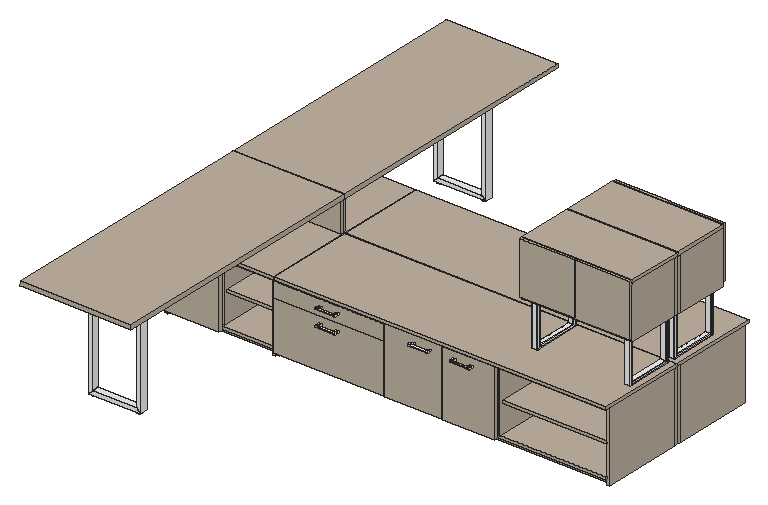
Revit family "VL021family", category Furniture, Revit 2015
Parameters
  Series = "Vision Laminate"
  Manufacturer = "JSI"
  Description = "VL021"
Reference planes (in)
  plane 1 "Center Front/Back": y = 0
  plane 2: z = 0
  plane 3 "Center Left/Right": x = 0
Dimensions and locks (in)
  aligned and locked: level to plane 2
Nested families (in)
  nested 1: "JSI-Vision-90_Bench_Configuration" at (25.8580059, -58.25, 0), type "VLB-30BF30HD30OS, Laminate 90"W Mod Bnch BF/HD/OS"
  nested 2: "JSI-Vision-90_Bench_Configuration" at (115.8580059, -58.25, 0) x (-1, 0, 0) z (0, 0, 1), type "VLB-30OS30HD30BF, Laminate 90"W Mod Bnch OS/HD/BF"
  nested 3: "JSI-Vision-Sld_Door_Bench_Ped" at (-4.1419941, -58.25, 0), type "VLB2430SD, Laminate Sld Door Bench H Ped"
  nested 4: "JSI-Vision-Sld_Door_Bench_Ped" at (25.8580059, -58.25, 0) x (-1, 0, 0) z (0, 0, 1), type "VLB2430SD, Laminate Sld Door Bench H Ped"
  nested 5: "JSI-Vision-OH_Cab-27_Post" at (116.1080059, -58.375, -10.2644163) x (-1, 0, 0) z (0, 0, 1), type "VL1630PSHD-27, Laminate 27"H Post Support Overhead Cab. 16" x 30", 2 Doors"
  nested 6: "JSI-Vision-OH_Cab-27_Post" at (86.1080059, -58.25, -10.2644163), type "VL1630PSHD-27, Laminate 27"H Post Support Overhead Cab. 16" x 30", 2 Doors"
  nested 7: "JSI-Vision-Rectangle_Desk_Top" at (25.8580059, 13.7479095, -2.1843978) x (0, -1, 0) z (0, 0, 1), type "VL3072MCT, Laminate Rectangular Desk Top, 30" x 72""
  nested 8: "JSI-Vision-Rectangle_Desk_Top" at (25.8580059, -58.2591116, -2.1838913) x (0, -1, 0) z (0, 0, 1), type "VL3072MCT, Laminate Rectangular Desk Top, 30" x 72""
  nested 9: "JSI-Vision-U_Base_for_Peninsula_Tops" at (11.338652, -116.7635946, -1.0339783) x (0, 1, 0) z (0, 0, 1), type "18US, Stardust Silver U Base for Peninsula Tops, use with 30” deep tops"
  nested 10: "JSI-Vision-U_Base_for_Peninsula_Tops" at (11, 0.25, -1.0293486) x (0, 1, 0) z (0, 0, 1), type "18US, Stardust Silver U Base for Peninsula Tops, use with 30” deep tops"
  nested 11: "JSI-Vision_Bench_Height_T_Sup" at (31.9221404, -69, 19.5), type "VLB1030TSP, Laminate 30  Bench Height T Supports"
    with Width 2' - 5 5/8"
  nested 12: "JSI-Vision_Bench_Height_T_Sup" at (-10.5811285, -47.5, 19.5) x (-1, 0, 0) z (0, 0, 1), type "VLB1030TSP, Laminate 30  Bench Height T Supports"
    with Width 2' - 5 5/8"
Definition of nested family "JSI-Vision-90_Bench_Configuration"
  Parameters (values of type "VLB-30OS30HD30BF, Laminate 90"W Mod Bnch OS/HD/BF")
    Width = 7' - 6"
    URL = "www.jsifurniture.com"
    Top = none
    Tag = "OS-HD-BF"
    Shelf Height = 0' - 8.48844"
    Series = "VISION CASEGOODS"  # constant formula
    Sdr-R = no
    Sdr-L = no
    Sdr-C = yes
    Pull Finish = none
    Model = "VLB-30OS30HD30BF"
    Manufacturer = "JSI"  # constant formula
    Keynote = "12500"
    JSI Enviromental Website = "http://www.jsifurniture.com/jsi_sustainability_intro.php"
    Height = 1' - 7 1/2"
    F-R = no
    F-L = no
    F-C = no
    Drawer Front = none
    Door-R = no
    Door-C = yes
    Door Front = none
    Door-L = no
    Description = "90\"W Modular Bench Height, OS/HD/BF"
    Depth = 2' - 0"
    Chassis = none
    BF-R = yes
    BF-L = no
    Assembly Code = "E2020200"
  Types (2): name | Tag | Model | Description | BF-R | BF-L
    VLB-30OS30HD30BF, Laminate 90"W Mod Bnch OS/HD/BF | "OS-HD-BF" | "VLB-30OS30HD30BF" | "90\"W Modular Bench Height, OS/HD/BF" | yes | no
    VLB-30BF30HD30OS, Laminate 90"W Mod Bnch BF/HD/OS | "BF-HD-OS" | "VLB-30BF30HD30OS" | "90\"W Modular Bench Height, BF/HD/OS" | no | yes
  Reference planes (in)
    plane 1 "Center Front/Back": y = 0
    plane 2: z = 0
    plane 3 "Center Left/Right": x = 0
    plane 4: x = 90
    plane 5: x = 0.1871643
    plane 6: x = 89.8124352
    plane 7: z = 10.425935
    plane 8: z = 19.5
    plane 9: x = 0.75
    plane 10: x = 89.125999
    plane 11: y = -0.8125
    plane 12: y = -23.25
    plane 13: x = 30
    plane 14: z = 18.75
    plane 15: z = 18.6409016
    plane 16: z = 9.675935
    plane 17: z = 1.9374999
    plane 18: z = 1.1874999
    plane 19: y = -23
    plane 20: y = -24
    plane 21: x = 29.25
    plane 22: y = -21.1875
    plane 23: y = -21.9375
    plane 24: z = 1
    plane 25: z = 16.6409016
    plane 26: z = 12.3909016
    plane 27: x = 14.9685822
    plane 28: x = 30.75
    plane 29: x = 29.75
    plane 30: x = 60.25
    plane 31: z = 13.625
    plane 32: z = 11.625
    plane 33: x = 75.0312176
    plane 34: x = 14.8435822
    plane 35: x = 15.0935822
    plane 36: x = 9.3435822
    plane 37: x = 20.5935822
    plane 38: x = 75.1564178
    plane 39: x = 74.9064178
    plane 40: x = 80.6564178
    plane 41: x = 69.4064178
    plane 42: y = -22.75
    plane 43: y = -22.875
    plane 44: x = 60
    plane 45: x = 60.75
    plane 46: x = 59.25
    plane 47: x = 60.25
    plane 48: x = 45.6350365
    plane 49: x = 40.0100365
    plane 50: x = 51.2600365
    plane 51: x = 45.5100365
    plane 52: x = 45.7600365
    plane 53: x = 30.25
    plane 54: x = 59.75
  Forms (in)
    Extrusion 1, solid, material <- "Chassis"
      sketch origin (0, 0, 0) x (1, 0, 0) y (0, 1, 0)
        loop
          line (0, 0) -> (0, -0.8125) -> (90, -0.8125) -> (90, 0) -> (0, 0)
      from 0 to 18.75
    Extrusion 2, solid, material <- "Chassis"
      sketch origin (0.125, -0.1875, 48) x (0, 1, 0) y (0, 0, 1)
        loop
          line (-0.625, -29.25) -> (-22.6875, -29.25) -> (-22.6875, -48) -> (-0.625, -48) -> (-0.625, -29.25)
      from -0.125 to 0.625
    Extrusion 3, solid, material <- "Chassis"
      sketch origin (29.875, -0.1875, 48) x (0, 1, 0) y (0, 0, 1)
        loop
          line (-0.625, -29.25) -> (-22.6875, -29.25) -> (-22.6875, -48) -> (-0.625, -48) -> (-0.625, -29.25)
      from 59.250999 to 60.125
    Extrusion 4, solid, material <- "Chassis"
      sketch origin (0, 0, 0) x (1, 0, 0) y (0, 1, 0)
        loop
          line (0.75, -21.1875) -> (0.75, -21.9375) -> (89.125999, -21.9375) -> (89.125999, -21.1875) -> (0.75, -21.1875)
      from 0 to 1.1874999
    Extrusion 5, solid, material <- "Top"
      sketch origin (0, 0, 0) x (0, 1, 0) y (0, 0, 1)
        loop
          line (0, 18.75) -> (0, 19.5) -> (-24, 19.5) -> (-24, 18.75) -> (0, 18.75)
      from 0 to 90
    Extrusion 6, solid, material <- "Chassis"
      sketch origin (0, 0, 0) x (0, 1, 0) y (0, 0, 1)
        loop
          line (-0.8125, 18.1697085) -> (-0.8125, 18.75) -> (-23.25, 18.75) -> (-23.25, 18.1697085) -> (-0.8125, 18.1697085)
        loop
          line (-0.8125, 1.1874999) -> (-0.8125, 1.9374999) -> (-23, 1.9374999) -> (-23, 1.1874999) -> (-0.8125, 1.1874999)
      from 0.75 to 89.125999
    Extrusion 7, solid, material <- "Door Front", visible <- "Sdr-L"
      sketch origin (0, 0, 0) x (0, 1, 0) y (0, 0, 1)
        loop
          line (-23.25, 1) -> (-23.25, 18.6409016) -> (-24, 18.6409016) -> (-24, 1) -> (-23.25, 1)
      from 0.1871643 to 14.8435822
    Extrusion 8, solid, material <- "Chassis"
      sketch origin (0, 0, 0) x (0, 1, 0) y (0, 0, 1)
        loop
          line (-0.8125, 9.675935) -> (-0.8125, 10.425935) -> (-22.75, 10.425935) -> (-22.75, 9.675935) -> (-0.8125, 9.675935)
      from 0.75 to 29.25
    Extrusion 9, solid, material <- "Chassis"
      sketch origin (0, 0, 0) x (0, 1, 0) y (0, 0, 1)
        loop
          line (-0.8125, 18.1697085) -> (-23.25, 18.1697085) -> (-23.25, 1.9374999) -> (-0.8125, 1.9374999) -> (-0.8125, 18.1697085)
      from 29.25 to 30
    Extrusion 10, solid, material <- "Chassis"
      sketch origin (30, 0, 0) x (0, 1, 0) y (0, 0, -1)
        loop
          line (-0.8125, -9.675935) -> (-22.75, -9.675935) -> (-22.75, -10.425935) -> (-0.8125, -10.425935) -> (-0.8125, -9.675935)
      from -59.125999 to -30.75
    Extrusion 11, solid, material <- "Drawer Front", visible <- "BF-L"
      sketch origin (0, -24, 0.625) x (0, 0, 1) y (-1, 0, 0)
        loop
          line (18.0159016, -0.1871643) -> (13.8909016, -0.1871643) -> (13.8909016, -29.75) -> (18.0159016, -29.75) -> (18.0159016, -0.1871643)
        loop
          line (0.5624999, -0.1871643) -> (0.5624999, -29.75) -> (13.7659016, -29.75) -> (13.7659016, -0.1871643) -> (0.5624999, -0.1871643)
      from -0.75 to 0
    Extrusion 12, solid, material <- "Chassis"
      sketch origin (60, 0, 0) x (0, 1, 0) y (0, 0, -1)
        loop
          line (-0.8125, -18.1697085) -> (-0.8125, -1.9374999) -> (-23.25, -1.9374999) -> (-23.25, -18.1697085) -> (-0.8125, -18.1697085)
      from 29.25 to 30
    Extrusion 13, solid, material <- "Drawer Front", visible <- "BF-R"
      sketch origin (60, -24, 0.625) x (0, 0, 1) y (-1, 0, 0)
        loop
          line (18.0159016, -29.8124352) -> (18.0159016, -0.25) -> (13.8909016, -0.25) -> (13.8909016, -29.8124352) -> (18.0159016, -29.8124352)
        loop
          line (0.5624999, -29.8124352) -> (13.7659016, -29.8124352) -> (13.7659016, -0.25) -> (0.5624999, -0.25) -> (0.5624999, -29.8124352)
      from -0.75 to 0
    Extrusion 14, solid, material <- "Drawer Front", visible <- "F-L"
      sketch origin (0, -24, 0.625) x (0, 0, 1) y (-1, 0, 0)
        loop
          line (0.375, -0.1871643) -> (0.375, -29.75) -> (13, -29.75) -> (13, -0.1871643) -> (0.375, -0.1871643)
      from -0.75 to 0
    Extrusion 15, solid, material <- "Drawer Front", visible <- "F-R"
      sketch origin (60, -24, 0.625) x (0, 0, 1) y (-1, 0, 0)
        loop
          line (0.375, -29.8124352) -> (13, -29.8124352) -> (13, -0.25) -> (0.375, -0.25) -> (0.375, -29.8124352)
      from -0.75 to 0
    Extrusion 16, solid, material <- "Door Front", visible <- "Door-L"
      sketch origin (29.9371643, 0, 0) x (0, 1, 0) y (0, 0, -1)
        loop
          line (-23.25, -1) -> (-24, -1) -> (-24, -18.6409016) -> (-23.25, -18.6409016) -> (-23.25, -1)
      from 0.1871643 to 14.8435822
    Extrusion 17, solid, material <- "Door Front", visible <- "Door-R"
      sketch origin (60, 0, 0) x (0, 1, 0) y (0, 0, -1)
        loop
          line (-23.25, -1) -> (-24, -1) -> (-24, -18.6409016) -> (-23.25, -18.6409016) -> (-23.25, -1)
      from -29.8124352 to -15.1564178
    Extrusion 18, solid, material <- "Door Front", visible <- "Sdr-R"
      sketch origin (30.0628357, 0, 0) x (0, 1, 0) y (0, 0, 1)
        loop
          line (-23.25, 1) -> (-23.25, 18.6409016) -> (-24, 18.6409016) -> (-24, 1) -> (-23.25, 1)
      from 30.1871643 to 44.8435822
    Extrusion 19, solid, material <- "Chassis"
      sketch origin (90, 0, 0) x (0, 1, 0) y (0, 0, -1)
        loop
          line (-0.8125, -18.1697085) -> (-0.8125, -1.9374999) -> (-23.25, -1.9374999) -> (-23.25, -18.1697085) -> (-0.8125, -18.1697085)
      from 29.25 to 30
    Extrusion 20, solid, material <- "Chassis"
      sketch origin (30, 0, 0) x (0, 1, 0) y (0, 0, 1)
        loop
          line (-0.8125, 18.1697085) -> (-23.25, 18.1697085) -> (-23.25, 1.9374999) -> (-0.8125, 1.9374999) -> (-0.8125, 18.1697085)
      from 29.25 to 30
    Extrusion 21, solid, material <- "Chassis"
      sketch origin (90, 0, 0) x (0, 1, 0) y (0, 0, 1)
        loop
          line (-0.8125, 9.675935) -> (-0.8125, 10.425935) -> (-22.75, 10.425935) -> (-22.75, 9.675935) -> (-0.8125, 9.675935)
      from -59.25 to -30.75
    Extrusion 22, solid, material <- "Door Front", visible <- "Sdr-C"
      sketch origin (0, 0, 0) x (0, 1, 0) y (0, 0, 1)
        loop
          line (-23.25, 1) -> (-23.25, 18.6409016) -> (-24, 18.6409016) -> (-24, 1) -> (-23.25, 1)
      from 30.25 to 45.5100365
    Extrusion 23, solid, material <- "Door Front", visible <- "Door-C"
      sketch origin (29.9371643, 0, 0) x (0, 1, 0) y (0, 0, -1)
        loop
          line (-23.25, -1) -> (-24, -1) -> (-24, -18.6409016) -> (-23.25, -18.6409016) -> (-23.25, -1)
      from -29.8128357 to -15.8228722
    Extrusion 24, solid, material <- "Drawer Front", visible <- "F-C"
      sketch origin (30.2914543, -24, 0.625) x (0, 0, 1) y (-1, 0, 0)
        loop
          line (0.375, 0.0414543) -> (0.375, -29.4585457) -> (13, -29.4585457) -> (13, 0.0414543) -> (0.375, 0.0414543)
      from -0.75 to 0
  Lines and regions (in)
    symbolic lines
      curve 1: line (0, 0, 0) -> (90, 0, 0)
      curve 2: line (0, -23.875, 0) -> (0, 0, 0)
      curve 3: line (90, -23.875, 0) -> (0, -23.875, 0)
      curve 4: line (90, 0, 0) -> (90, -23.875, 0)
  Dimensions and locks (in)
    "Height": plane 8 to level
    plane 15 to plane 14 to plane 8 = 0' - 0.1091" locked, 0' - 0 3/4" locked
    plane 10 to plane 6 to plane 4 = 0' - 0.68644" locked, 0' - 0.18756" locked
    plane 3 "Center Left/Right" to plane 5 to plane 9 = 0' - 0.18716" locked, 0' - 0.56284" locked
    "Width": plane 3 "Center Left/Right" to plane 4
    locked: plane 1 "Center Front/Back" to plane 11 at 0.8125
    plane 17 to plane 18 to level = 0' - 0 3/4" locked, 0' - 1 3/16" locked
    "Depth": plane 1 "Center Front/Back" to plane 20
    locked: plane 24 to level at 1
    Extrusion 11 sketch curve to Extrusion 11 sketch curve to Extrusion 11 sketch curve to Extrusion 11 sketch curve = 0' - 4 1/8" locked, 0' - 0 1/8" locked, 1' - 1.2034" locked
    locked: plane 15 to plane 25 at 2
    Extrusion 13 sketch curve to Extrusion 13 sketch curve to Extrusion 13 sketch curve to Extrusion 13 sketch curve = 0' - 4 1/8" locked, 0' - 0 1/8" locked, 1' - 1.2034" locked
    locked: plane 7 to plane 16 at 0.75
    "Shelf Height": plane 7 to plane 17
    locked: Extrusion 14 sketch curve to Extrusion 11 at 12.4375001
    locked: plane 31 to plane 32 at 2
    equal spacing: plane 30, plane 33, plane 6
    plane 35 to plane 27 to plane 34 = 0' - 0 1/8" locked, 0' - 0 1/8" locked
    locked: plane 34 to plane 36 at 5.5
    locked: plane 35 to plane 37 at 5.5
    locked: plane 38 to plane 40 at 5.5
    locked: plane 39 to plane 41 at 5.5
    plane 38 to plane 33 to plane 39 = 0' - 0.1252" locked, 0' - 0.1248" locked
    equal spacing: plane 5, plane 27, plane 29
    plane 22 to plane 23 to plane 42 to plane 43 to plane 19 to plane 12 to plane 20 = 0' - 0 3/4" locked, 0' - 0 13/16" locked, 0' - 0 1/8" locked, 0' - 0 1/8" locked, 0' - 0 1/4" locked, 0' - 0 3/4" locked
    locked: plane 30 to plane 4 at 29.75
    locked: plane 29 to plane 3 "Center Left/Right" at 29.75
    equal spacing: plane 4, plane 44, plane 13, plane 3 "Center Left/Right"
    plane 52 to plane 48 to plane 51 = 0' - 0 1/8" locked, 0' - 0 1/8" locked
    locked: plane 51 to plane 49 at 5.5
    locked: plane 52 to plane 50 at 5.5
    locked: plane 13 to plane 53 at 0.25
    locked: plane 44 to plane 54 at 0.25
    aligned and locked: level to plane 2
    aligned and locked: Extrusion 1 sketch curve to plane 11
    aligned and locked: plane 11 to Extrusion 2 sketch curve
    aligned and locked: Extrusion 2 sketch curve to level
    aligned and locked: Extrusion 3 sketch curve to plane 11
    aligned and locked: level to Extrusion 3 sketch curve
    aligned and locked: plane 9 to Extrusion 4 sketch curve
    aligned and locked: plane 14 to Extrusion 1
    aligned and locked: Extrusion 1 to plane 1 "Center Front/Back"
    aligned and locked: plane 3 "Center Left/Right" to curve 2
    aligned and locked: Extrusion 1 to plane 3 "Center Left/Right"
    aligned and locked: plane 1 "Center Front/Back" to curve 1
    aligned and locked: plane 4 to Extrusion 1
    aligned and locked: curve 4 to plane 4
    aligned and locked: Extrusion 5 sketch curve to plane 1 "Center Front/Back"
    aligned and locked: plane 8 to Extrusion 5 sketch curve
    aligned and locked: Extrusion 5 sketch curve to plane 14
    aligned and locked: plane 11 to Extrusion 6 sketch curve  (x2)
    aligned and locked: plane 14 to Extrusion 6 sketch curve
    aligned and locked: Extrusion 6 sketch curve to plane 12
    aligned and locked: plane 17 to Extrusion 6 sketch curve
    aligned and locked: Extrusion 6 sketch curve to plane 18
    aligned and locked: Extrusion 3 to plane 10
    aligned and locked: plane 4 to Extrusion 3
    aligned and locked: plane 20 to nested 1
    aligned and locked: plane 4 to Extrusion 5
    aligned and locked: plane 18 to Extrusion 4
    aligned and locked: plane 22 to Extrusion 4
    aligned and locked: Extrusion 4 to plane 23
    aligned and locked: Extrusion 5 to plane 20
    aligned and locked: Extrusion 7 sketch curve to plane 15
    aligned and locked: plane 12 to Extrusion 7 sketch curve
    aligned and locked: Extrusion 7 sketch curve to plane 20
    aligned and locked: Extrusion 6 to plane 19
    aligned and locked: plane 11 to Extrusion 8 sketch curve
    aligned and locked: plane 7 to Extrusion 8 sketch curve
    aligned and locked: Extrusion 8 sketch curve to plane 16
    aligned and locked: Extrusion 8 to plane 9
    aligned and locked: Extrusion 8 to plane 21
    aligned and locked: Extrusion 6 to Extrusion 9 sketch curve
    aligned and locked: plane 17 to Extrusion 9 sketch curve
    aligned and locked: Extrusion 9 sketch curve to plane 11
    aligned and locked: plane 21 to Extrusion 9
    aligned and locked: Extrusion 10 to plane 7
    aligned and locked: plane 16 to Extrusion 10
    aligned and locked: plane 10 to Extrusion 10
    aligned and locked: plane 11 to Extrusion 10
    aligned and locked: Extrusion 10 to Extrusion 8
    aligned and locked: plane 10 to Extrusion 6
    aligned and locked: Extrusion 11 sketch curve to Extrusion 11 sketch curve  (x2)
    aligned and locked: plane 12 to Extrusion 11
    aligned and locked: Extrusion 11 to plane 20
    aligned and locked: plane 24 to Extrusion 7
    aligned and locked: plane 28 to Extrusion 12
    aligned and locked: plane 13 to Extrusion 12
    aligned and locked: plane 29 to Extrusion 11  (x4)
    aligned and locked: plane 5 to Extrusion 11
    aligned and locked: Extrusion 13 sketch curve to Extrusion 13 sketch curve  (x2)
    aligned and locked: plane 30 to Extrusion 13
    aligned and locked: Extrusion 13 to plane 6
    aligned and locked: plane 24 to Extrusion 14 sketch curve
    aligned and locked: Extrusion 14 sketch curve to plane 5
    aligned and locked: Extrusion 14 sketch curve to plane 29
    aligned and locked: plane 12 to Extrusion 14
    aligned and locked: Extrusion 14 to plane 20
    aligned and locked: Extrusion 9 to plane 13
    aligned and locked: plane 31 to Extrusion 14
    aligned and locked: nested 2 to plane 27
    aligned and locked: plane 25 to nested 2
    aligned and locked: nested 3 to plane 27
    aligned and locked: plane 26 to nested 3
    aligned and locked: plane 32 to nested 4
    aligned and locked: nested 4 to plane 27
    aligned and locked: nested 2 to plane 20
    aligned and locked: nested 3 to plane 20
    aligned and locked: nested 4 to plane 20
    aligned and locked: plane 33 to nested 5
    aligned and locked: plane 33 to nested 6
    aligned and locked: plane 33 to nested 7
    aligned and locked: plane 25 to nested 5
    aligned and locked: plane 26 to nested 6
    aligned and locked: plane 32 to nested 7
    aligned and locked: plane 20 to nested 5
    aligned and locked: plane 20 to nested 6
    aligned and locked: plane 20 to nested 7
    aligned and locked: Extrusion 7 to plane 34
    aligned and locked: plane 35 to Extrusion 16
    aligned and locked: Extrusion 16 to plane 15
    aligned and locked: plane 12 to Extrusion 16
    aligned and locked: Extrusion 16 to plane 20
    aligned and locked: plane 25 to nested 8
    aligned and locked: nested 8 to plane 36
    aligned and locked: nested 9 to plane 37
    aligned and locked: nested 9 to plane 25
    aligned and locked: nested 10 to plane 40
    aligned and locked: nested 11 to plane 41
    aligned and locked: Extrusion 18 to plane 39
    aligned and locked: plane 38 to Extrusion 17
    aligned and locked: plane 30 to Extrusion 18
    aligned and locked: Extrusion 17 to plane 6
    aligned and locked: Extrusion 17 to plane 15
    aligned and locked: plane 24 to Extrusion 17
    aligned and locked: plane 12 to Extrusion 17
    aligned and locked: Extrusion 17 to plane 20
    aligned and locked: plane 12 to Extrusion 18
    aligned and locked: Extrusion 18 to plane 20
    aligned and locked: Extrusion 18 to plane 15
    aligned and locked: plane 24 to Extrusion 18
    aligned and locked: plane 30 to Extrusion 15
    aligned and locked: Extrusion 15 to plane 6
    aligned and locked: plane 29 to Extrusion 16
    aligned and locked: Extrusion 9 to plane 12
    aligned and locked: Extrusion 12 to plane 12
    aligned and locked: Extrusion 8 to plane 42
    aligned and locked: Extrusion 2 to plane 43
    aligned and locked: Extrusion 3 to plane 43
    aligned and locked: plane 45 to Extrusion 19
    aligned and locked: plane 46 to Extrusion 20
    aligned and locked: Extrusion 20 to plane 44
    aligned and locked: plane 44 to Extrusion 19
    aligned and locked: Extrusion 10 to plane 45
    aligned and locked: Extrusion 21 to plane 28
    aligned and locked: Extrusion 21 to plane 46
    aligned and locked: plane 11 to Extrusion 21
    aligned and locked: Extrusion 21 to plane 42
    aligned and locked: Extrusion 21 to plane 7
    aligned and locked: nested 12 to plane 49
    aligned and locked: nested 13 to plane 50
    aligned and locked: Extrusion 22 to plane 51
    aligned and locked: plane 52 to Extrusion 23
    aligned and locked: plane 53 to Extrusion 22
    aligned and locked: plane 54 to Extrusion 23
    aligned and locked: plane 53 to Extrusion 24
    aligned and locked: plane 31 to Extrusion 24
    aligned and locked: Extrusion 24 to plane 24
    aligned and locked: plane 54 to Extrusion 24
    aligned and locked: nested 1 to plane 48
  Automatic sketch dimensions
    plane 20 to curve 4 = 0' - 0 1/8"
    Extrusion 1 sketch curve to plane 3 "Center Left/Right" = 0' - 0"
    Extrusion 1 sketch curve to plane 4 = 0' - 0"
    plane 1 "Center Front/Back" to Extrusion 1 sketch curve = 0' - 0"
    Extrusion 2 sketch curve to plane 14 = 0' - 0"
    Extrusion 2 sketch curve to plane 43 = 0' - 0"
    Extrusion 3 sketch curve to plane 14 = 0' - 0"
    Extrusion 3 sketch curve to plane 43 = 0' - 0"
    Extrusion 4 sketch curve to plane 10 = 0' - 0"
    Extrusion 4 sketch curve to plane 23 = 0' - 0"
    Extrusion 4 sketch curve to plane 22 = 0' - 0"
    Extrusion 5 sketch curve to plane 20 = 0' - 0"
    Extrusion 6 sketch curve to plane 19 = 0' - 0"
    plane 15 to Extrusion 6 sketch curve = 0' - 0.47119"
    Extrusion 7 sketch curve to plane 24 = 0' - 0"
    Extrusion 8 sketch curve to plane 42 = 0' - 0"
    Extrusion 9 sketch curve to plane 12 = 0' - 0"
    Extrusion 10 sketch curve to plane 16 = 0' - 0"
    Extrusion 10 sketch curve to plane 42 = 0' - 0"
    Extrusion 10 sketch curve to plane 7 = 0' - 0"
    Extrusion 10 sketch curve to plane 11 = 0' - 0"
    plane 5 to Extrusion 11 sketch curve = 0' - 0"
    Extrusion 11 sketch curve to plane 18 = 0' - 0"
    Extrusion 11 sketch curve to plane 29 = 0' - 0"
    Extrusion 12 sketch curve to plane 12 = 0' - 0"
    Extrusion 12 sketch curve to plane 11 = 0' - 0"
    Extrusion 12 sketch curve to plane 17 = 0' - 0"
    plane 15 to Extrusion 12 sketch curve = 0' - 0.47119"
    plane 6 to Extrusion 13 sketch curve = 0' - 0"
    Extrusion 13 sketch curve to plane 18 = 0' - 0"
    plane 30 to Extrusion 13 sketch curve = 0' - 0"
    Extrusion 11 to Extrusion 15 sketch curve = 0' - 0 3/16"
    Extrusion 15 sketch curve to Extrusion 11 = 0' - 0.7659"
    Extrusion 11 to Extrusion 15 sketch curve = 5' - 0.06244"
    Extrusion 15 sketch curve to Extrusion 15 sketch curve = 2' - 5.56244"
    Extrusion 16 sketch curve to plane 20 = 0' - 0"
    Extrusion 16 sketch curve to plane 12 = 0' - 0"
    plane 15 to Extrusion 16 sketch curve = 0' - 0"
    plane 24 to Extrusion 16 sketch curve = 0' - 0"
    Extrusion 17 sketch curve to plane 20 = 0' - 0"
    Extrusion 17 sketch curve to plane 12 = 0' - 0"
    plane 15 to Extrusion 17 sketch curve = 0' - 0"
    plane 24 to Extrusion 17 sketch curve = 0' - 0"
    Extrusion 18 sketch curve to plane 20 = 0' - 0"
    Extrusion 18 sketch curve to plane 12 = 0' - 0"
    Extrusion 18 sketch curve to plane 24 = 0' - 0"
    plane 15 to Extrusion 18 sketch curve = 0' - 0"
    Extrusion 19 sketch curve to plane 12 = 0' - 0"
    Extrusion 19 sketch curve to plane 11 = 0' - 0"
    Extrusion 19 sketch curve to plane 17 = 0' - 0"
    plane 15 to Extrusion 19 sketch curve = 0' - 0.47119"
    Extrusion 20 sketch curve to plane 12 = 0' - 0"
    Extrusion 20 sketch curve to plane 11 = 0' - 0"
    Extrusion 20 sketch curve to plane 17 = 0' - 0"
    plane 15 to Extrusion 20 sketch curve = 0' - 0.47119"
    Extrusion 21 sketch curve to plane 16 = 0' - 0"
    Extrusion 21 sketch curve to plane 42 = 0' - 0"
    plane 7 to Extrusion 21 sketch curve = 0' - 0"
    Extrusion 21 sketch curve to plane 11 = 0' - 0"
    Extrusion 22 sketch curve to plane 20 = 0' - 0"
    Extrusion 22 sketch curve to plane 12 = 0' - 0"
    Extrusion 22 sketch curve to plane 24 = 0' - 0"
    plane 15 to Extrusion 22 sketch curve = 0' - 0"
    Extrusion 23 sketch curve to plane 20 = 0' - 0"
    Extrusion 23 sketch curve to plane 12 = 0' - 0"
    plane 15 to Extrusion 23 sketch curve = 0' - 0"
    plane 24 to Extrusion 23 sketch curve = 0' - 0"
    Extrusion 11 to Extrusion 24 sketch curve = 0' - 0 3/16"
    Extrusion 24 sketch curve to Extrusion 11 = 0' - 0.7659"
    Extrusion 11 to Extrusion 24 sketch curve = 2' - 6"
    Extrusion 11 to Extrusion 24 sketch curve = 0' - 0 1/2"
  Nested families (in)
    nested 1: "Label 1-16" at (45.6350365, -24, 0), type "DRWCFG"
    nested 2: "Bar Pull" at (14.9685822, -24, 16.6409016), Pull Finish <- "Pull Finish", visible <- "BF-L", type "PL"
      with Pull Finish none
    nested 3: "Bar Pull" at (14.9685822, -24, 12.3909016), Pull Finish <- "Pull Finish", visible <- "BF-L", type "PL"
      with Pull Finish none
    nested 4: "Bar Pull" at (14.9685822, -24, 11.625), Pull Finish <- "Pull Finish", visible <- "F-L", type "PL"
      with Pull Finish none
    nested 5: "Bar Pull" at (75.0312176, -24, 16.6409016) x (-1, 0, 0) z (0, 0, 1), Pull Finish <- "Pull Finish", visible <- "BF-R", type "PL"
      with Pull Finish none
    nested 6: "Bar Pull" at (75.0312176, -24, 12.3909016) x (-1, 0, 0) z (0, 0, 1), Pull Finish <- "Pull Finish", visible <- "BF-R", type "PL"
      with Pull Finish none
    nested 7: "Bar Pull" at (75.0312176, -24, 11.625) x (-1, 0, 0) z (0, 0, 1), Pull Finish <- "Pull Finish", visible <- "F-R", type "PL"
      with Pull Finish none
    nested 8: "Bar Pull" at (9.3435822, -24, 16.6409016), Pull Finish <- "Pull Finish", visible <- "Sdr-L", type "PL"
      with Pull Finish none
    nested 9: "Bar Pull" at (20.5935822, -24, 16.6409016) x (-1, 0, 0) z (0, 0, 1), Pull Finish <- "Pull Finish", visible <- "Door-L", type "PL"
      with Pull Finish none
    nested 10: "Bar Pull" at (80.6564178, -24, 16.6409016) x (-1, 0, 0) z (0, 0, 1), Pull Finish <- "Pull Finish", visible <- "Door-R", type "PL"
      with Pull Finish none
    nested 11: "Bar Pull" at (69.4064178, -24, 16.6409016), Pull Finish <- "Pull Finish", visible <- "Sdr-R", type "PL"
      with Pull Finish none
    nested 12: "Bar Pull" at (40.0100365, -24, 16.6409016), Pull Finish <- "Pull Finish", visible <- "Sdr-C", type "PL"
      with Pull Finish none
    nested 13: "Bar Pull" at (51.2600365, -24, 16.6409016) x (-1, 0, 0) z (0, 0, 1), Pull Finish <- "Pull Finish", visible <- "Door-C", type "PL"
      with Pull Finish none
    nested 14: "Bar Pull" at (45.6350365, -24, 11.625), Pull Finish <- "Pull Finish", visible <- "F-C", type "PL"
      with Pull Finish none
  Definition of nested family "Bar Pull"
    Parameters
      Pull Finish [instance] = none
    Reference planes (in)
      plane 1 "Center Front/Back": y = 0
      plane 2: z = 0
      plane 3 "Center Left/Right": x = 0
      plane 4: x = -2.6873071
      plane 5: x = -1.8873079
      plane 6: x = 2.6873071
      plane 7: x = 1.8873079
      plane 8: y = -1
      plane 9: y = -0.8520212
    Forms (in)
      Extrusion 1, solid, material <- "Pull Finish"
        sketch origin (0, 0, 0) x (0, 1, 0) y (0, 0, 1)
          loop
            line (0, -0.2014997) -> (0, 0.2014997) -> (-0.8520212, 0.2014997)
            arc (-0.8520212, 0.2014997) -> (-0.75, 0) -> (-0.8520212, -0.2014997) r 0.2499992
            line (-0.8520212, -0.2014997) -> (0, -0.2014997)
        from 1.8873079 to 2.6873071
      Extrusion 2, solid, material <- "Pull Finish"
        sketch origin (0, 0, 0) x (0, 1, 0) y (0, 0, 1)
          loop
            circle (-1, 0) r 0.25
        from -2.6873071 to 2.6873071
      Extrusion 3, solid, material <- "Pull Finish"
        sketch origin (0, 0, 0) x (0, 1, 0) y (0, 0, -1)
          loop
            line (0, 0.2014997) -> (-0.8520212, 0.2014997)
            arc (-0.8520212, 0.2014997) -> (-0.75, 0) -> (-0.8520212, -0.2014997) r 0.2499992
            line (-0.8520212, -0.2014997) -> (0, -0.2014997) -> (0, 0.2014997)
        from 1.8873079 to 2.6873071
    Dimensions and locks (in)
      plane 4 to plane 5 to plane 3 "Center Left/Right" to plane 7 to plane 6 = 0' - 0.8" locked, 0' - 1.88731" locked, 0' - 1.88731" locked, 0' - 0.8" locked
      plane 8 to plane 9 to plane 1 "Center Front/Back" = 0' - 0.14798" locked, 0' - 0.85202" locked
      aligned and locked: level to plane 2
      aligned and locked: plane 4 to Extrusion 3
      aligned and locked: Extrusion 3 to plane 5
      aligned and locked: plane 4 to Extrusion 2
      aligned and locked: Extrusion 1 to plane 7
      aligned and locked: plane 6 to Extrusion 1
      aligned and locked: plane 6 to Extrusion 2
      aligned and locked: plane 8 to Extrusion 2 sketch curve
      aligned and locked: Extrusion 3 to plane 1 "Center Front/Back"
      aligned and locked: Extrusion 1 to plane 1 "Center Front/Back"
      aligned and locked: plane 5 to Extrusion 3
      aligned and locked: Extrusion 3 to plane 4
      aligned and locked: Extrusion 2 to plane 4
      aligned and locked: plane 7 to Extrusion 1
      aligned and locked: Extrusion 1 to plane 6
      aligned and locked: Extrusion 2 to plane 6
  Definition of nested family "Label 1-16"
    Parameters
      Width = 0' - 1"
      Model Name = "DOOR"
    Reference planes (in)
      plane 1: y = 0
      plane 2: x = 0
    Text (in)
      label "XX" at (0.0005059, -0.1232411, 0), shows "Model Name"
Definition of nested family "JSI-Vision-Sld_Door_Bench_Ped"
  Parameters (values of type "VLB2430SD, Laminate Sld Door Bench H Ped")
    Width = 2' - 6"
    URL = "www.jsifurniture.com"
    Top = none
    Tag = "SD"
    Series = "VISION CASEGOODS"  # constant formula
    Model = "VLB2430SD"
    Manufacturer = "JSI"  # constant formula
    Keynote = "12500"
    JSI Enviromental Website = "http://www.jsifurniture.com/jsi_sustainability_intro.php"
    Height = 1' - 7 1/2"
    Door Front = none
    Description = "Laminate Sliding Door Bench Height Pedestal 24\" x 30\""
    Depth = 2' - 0"
    Chassis = none
    Assembly Code = "E2020200"
  Reference planes (in)
    plane 1 "Center Front/Back": y = 0
    plane 2: z = 0
    plane 3 "Center Left/Right": x = 0
    plane 4: x = 30
    plane 5: x = 0.1871643
    plane 6: x = 29.8124352
    plane 7: z = 10.332185
    plane 8: z = 19.5
    plane 9: x = 0.75
    plane 10: x = 29.125999
    plane 11: y = -0.8125
    plane 12: y = -23.25
    plane 13: x = 15
    plane 14: z = 18.75
    plane 15: z = 18.6409016
    plane 16: z = 9.582185
    plane 17: z = 1.9374999
    plane 18: z = 1.1874999
    plane 19: y = -23
    plane 20: y = -24
    plane 21: x = 14.625
    plane 22: x = 15.375
    plane 23: y = -22.125
    plane 24: y = -21.1875
    plane 25: y = -21.9375
    plane 26: z = 1
  Forms (in)
    Extrusion 1, solid, material <- "Chassis"
      sketch origin (0, 0, 0) x (1, 0, 0) y (0, 1, 0)
        loop
          line (0, 0) -> (0, -0.8125) -> (30, -0.8125) -> (30, 0) -> (0, 0)
      from 0 to 18.75
    Extrusion 2, solid, material <- "Chassis"
      sketch origin (0.125, -0.1875, 48) x (0, 1, 0) y (0, 0, 1)
        loop
          line (-0.625, -29.25) -> (-23.0625, -29.25) -> (-23.0625, -48) -> (-0.625, -48) -> (-0.625, -29.25)
      from -0.125 to 0.625
    Extrusion 3, solid, material <- "Chassis"
      sketch origin (29.875, -0.1875, 48) x (0, 1, 0) y (0, 0, 1)
        loop
          line (-0.625, -29.25) -> (-23.0625, -29.25) -> (-23.0625, -48) -> (-0.625, -48) -> (-0.625, -29.25)
      from -0.749001 to 0.125
    Extrusion 4, solid, material <- "Chassis"
      sketch origin (0, 0, 0) x (1, 0, 0) y (0, 1, 0)
        loop
          line (0.75, -21.1875) -> (0.75, -21.9375) -> (29.125999, -21.9375) -> (29.125999, -21.1875) -> (0.75, -21.1875)
      from 0 to 1.1874999
    Extrusion 5, solid, material <- "Top"
      sketch origin (0, 0, 0) x (0, 1, 0) y (0, 0, 1)
        loop
          line (0, 18.75) -> (0, 19.5) -> (-24, 19.5) -> (-24, 18.75) -> (0, 18.75)
      from 0 to 30
    Extrusion 6, solid, material <- "Chassis"
      sketch origin (0, 0, 0) x (0, 1, 0) y (0, 0, 1)
        loop
          line (-0.8125, 18.1697085) -> (-0.8125, 18.75) -> (-23.25, 18.75) -> (-23.25, 18.1697085) -> (-0.8125, 18.1697085)
        loop
          line (-0.8125, 1.1874999) -> (-0.8125, 1.9374999) -> (-23, 1.9374999) -> (-23, 1.1874999) -> (-0.8125, 1.1874999)
      from 0.75 to 29.125999
    Extrusion 7, solid, material <- "Door Front"
      sketch origin (0, 0, 0) x (0, 1, 0) y (0, 0, 1)
        loop
          line (-23.25, 1) -> (-23.25, 18.6409016) -> (-24, 18.6409016) -> (-24, 1) -> (-23.25, 1)
      from 0.1871643 to 15.375
    Extrusion 8, solid, material <- "Chassis"
      sketch origin (0, 0, 0) x (0, 1, 0) y (0, 0, 1)
        loop
          line (-0.8125, 9.582185) -> (-0.8125, 10.332185) -> (-21.75, 10.332185) -> (-21.75, 9.582185) -> (-0.8125, 9.582185)
      from 0.75 to 14.625
    Extrusion 9, solid, material <- "Chassis"
      sketch origin (0, 0, 0) x (0, 1, 0) y (0, 0, 1)
        loop
          line (-0.8125, 18.1697085) -> (-22.125, 18.1697085) -> (-22.125, 1.9374999) -> (-0.8125, 1.9374999) -> (-0.8125, 18.1697085)
      from 14.625 to 15.375
    Extrusion 10, solid, material <- "Chassis"
      sketch origin (30, 0, 0) x (0, 1, 0) y (0, 0, -1)
        loop
          line (-0.8125, -9.582185) -> (-21.75, -9.582185) -> (-21.75, -10.332185) -> (-0.8125, -10.332185) -> (-0.8125, -9.582185)
      from 0.874001 to 14.625
  Lines and regions (in)
    symbolic lines
      curve 1: line (0, 0, 0) -> (30, 0, 0)
      curve 2: line (0, -23.875, 0) -> (0, 0, 0)
      curve 3: line (30, -23.875, 0) -> (0, -23.875, 0)
      curve 4: line (30, 0, 0) -> (30, -23.875, 0)
  Dimensions and locks (in)
    "Height": plane 8 to level
    plane 15 to plane 14 to plane 8 = 0' - 0.1091" locked, 0' - 0 3/4" locked
    plane 10 to plane 6 to plane 4 = 0' - 0.68644" locked, 0' - 0.18756" locked
    plane 3 "Center Left/Right" to plane 5 to plane 9 = 0' - 0.18716" locked, 0' - 0.56284" locked
    "Width": plane 3 "Center Left/Right" to plane 4
    equal spacing: plane 3 "Center Left/Right", plane 13, plane 4
    locked: plane 1 "Center Front/Back" to plane 11 at 0.8125
    plane 17 to plane 18 to level = 0' - 0 3/4" locked, 0' - 1 3/16" locked
    "Depth": plane 1 "Center Front/Back" to plane 20
    locked: plane 26 to level at 1
    locked: Extrusion 8 sketch curve to plane 23 at 0.375
    plane 21 to plane 13 to plane 22 = 0' - 0 3/8" locked, 0' - 0 3/8" locked
    plane 24 to plane 25 to plane 23 to plane 19 to plane 12 to plane 20 = 0' - 0 3/4" locked, 0' - 0 3/16" locked, 0' - 0 7/8" locked, 0' - 0 1/4" locked, 0' - 0 3/4" locked
    aligned and locked: level to plane 2
    aligned and locked: plane 11 to Extrusion 1 sketch curve
    aligned and locked: plane 11 to Extrusion 2 sketch curve
    aligned and locked: Extrusion 2 sketch curve to level
    aligned and locked: Extrusion 3 sketch curve to plane 11
    aligned and locked: level to Extrusion 3 sketch curve
    aligned and locked: plane 9 to Extrusion 4 sketch curve
    aligned and locked: nested 1 to plane 13
    aligned and locked: plane 14 to Extrusion 1
    aligned and locked: Extrusion 1 to plane 1 "Center Front/Back"
    aligned and locked: plane 3 "Center Left/Right" to curve 2
    aligned and locked: Extrusion 1 to plane 3 "Center Left/Right"
    aligned and locked: plane 1 "Center Front/Back" to curve 1
    aligned and locked: plane 4 to Extrusion 1
    aligned and locked: curve 4 to plane 4
    aligned and locked: Extrusion 5 sketch curve to plane 1 "Center Front/Back"
    aligned and locked: plane 8 to Extrusion 5 sketch curve
    aligned and locked: Extrusion 5 sketch curve to plane 14
    aligned and locked: Extrusion 2 to plane 12
    aligned and locked: Extrusion 3 to plane 12
    aligned and locked: plane 11 to Extrusion 6 sketch curve  (x2)
    aligned and locked: plane 14 to Extrusion 6 sketch curve
    aligned and locked: Extrusion 6 sketch curve to plane 12
    aligned and locked: plane 17 to Extrusion 6 sketch curve
    aligned and locked: Extrusion 6 sketch curve to plane 18
    aligned and locked: Extrusion 3 to plane 10
    aligned and locked: plane 4 to Extrusion 3
    aligned and locked: nested 1 to plane 20
    aligned and locked: plane 4 to Extrusion 5
    aligned and locked: plane 18 to Extrusion 4
    aligned and locked: plane 24 to Extrusion 4
    aligned and locked: Extrusion 4 to plane 25
    aligned and locked: Extrusion 5 to plane 20
    aligned and locked: Extrusion 7 sketch curve to plane 15
    aligned and locked: plane 12 to Extrusion 7 sketch curve
    aligned and locked: Extrusion 7 sketch curve to plane 20
    aligned and locked: plane 26 to Extrusion 7 sketch curve
    aligned and locked: plane 22 to Extrusion 7
    aligned and locked: plane 5 to Extrusion 7
    aligned and locked: Extrusion 6 to plane 19
    aligned and locked: plane 11 to Extrusion 8 sketch curve
    aligned and locked: plane 7 to Extrusion 8 sketch curve
    aligned and locked: Extrusion 8 sketch curve to plane 16
    aligned and locked: Extrusion 8 to plane 9
    aligned and locked: Extrusion 8 to plane 21
    aligned and locked: Extrusion 6 to Extrusion 9 sketch curve
    aligned and locked: plane 17 to Extrusion 9 sketch curve
    aligned and locked: plane 23 to Extrusion 9 sketch curve
    aligned and locked: Extrusion 9 sketch curve to plane 11
    aligned and locked: plane 21 to Extrusion 9
    aligned and locked: plane 22 to Extrusion 9
    aligned and locked: Extrusion 10 to plane 22
    aligned and locked: plane 7 to Extrusion 10
    aligned and locked: Extrusion 10 to plane 16
    aligned and locked: plane 10 to Extrusion 10
    aligned and locked: plane 11 to Extrusion 10
    aligned and locked: Extrusion 10 to Extrusion 8
    aligned and locked: plane 10 to Extrusion 6
  Automatic sketch dimensions
    plane 20 to curve 4 = 0' - 0 1/8"
    Extrusion 1 sketch curve to plane 3 "Center Left/Right" = 0' - 0"
    Extrusion 1 sketch curve to plane 4 = 0' - 0"
    plane 1 "Center Front/Back" to Extrusion 1 sketch curve = 0' - 0"
    Extrusion 2 sketch curve to plane 12 = 0' - 0"
    Extrusion 2 sketch curve to plane 14 = 0' - 0"
    Extrusion 3 sketch curve to plane 12 = 0' - 0"
    Extrusion 3 sketch curve to plane 14 = 0' - 0"
    Extrusion 4 sketch curve to plane 10 = 0' - 0"
    Extrusion 4 sketch curve to plane 25 = 0' - 0"
    Extrusion 4 sketch curve to plane 24 = 0' - 0"
    Extrusion 5 sketch curve to plane 20 = 0' - 0"
    Extrusion 6 sketch curve to plane 19 = 0' - 0"
    plane 15 to Extrusion 6 sketch curve = 0' - 0.47119"
    plane 16 to Extrusion 10 sketch curve = 0' - 0"
    Extrusion 10 sketch curve to plane 7 = 0' - 0"
    plane 11 to Extrusion 10 sketch curve = 0' - 0"
    plane 25 to Extrusion 10 sketch curve = 0' - 0 3/16"
  Nested families (in)
    nested 1: "Label 1-16" at (15, -24, 0), type "DRWCFG"
  Definition of nested family "Label 1-16"
    Parameters
      Width = 0' - 1"
      Model Name = "DOOR"
    Reference planes (in)
      plane 1: y = 0
      plane 2: x = 0
    Text (in)
      label "XX" at (0.0005059, -0.1232411, 0), shows "Model Name"
Definition of nested family "JSI-Vision-OH_Cab-27_Post"
  Parameters (values of type "VL1630PSHD-27, Laminate 27"H Post Support Overhead Cab. 16" x 30", 2 Doors")
    Vetical Partition = no
    Top = none
    Width = 2' - 6"
    Verticall Partition Distance = if(# of Doors > 3, Unit Centre, (if(# of Doors < 3, Unit Centre, (if(OHL, (Door Width + 0' 0 9/16"), ((Door Width * 2) + (0' 0 1/16")))))))  # 1' - 3"
    Unit Centre = Width / 2  # 1' - 3"
    URL = "www.jsifurniture.com"
    Type Comments = ""
    Tag = "2 Doors"
    Series = "VISION CASEGOODS"  # constant formula
    Support Leg = none
    Overhead Height = 1' - 0 13/16"
    OHL = no
    OH Elevation = 2' - 6"
    Model = "VL1630PSHD-27"
    Material = ""
    Manufacturer = "JSI"  # constant formula
    Keynote = "12500"
    JSI Enviromental Website = "http://www.jsifurniture.com/jsi_sustainability_intro.php"
    Height = 2' - 3"
    Door Front = none
    Door Width = if(Width > 4' 5", ((Width - 0' 0 3/4") / # of Doors), (if(Width > 3' 5", ((Width - 0' 0 5/8") / # of Doors), ((Width - 0' 0 1/2") / # of Doors))))  # 1' - 2 3/4"
    Door Array Spacing = Door Width + 0' 0 1/8"  # 1' - 2 7/8"
    Description = "Laminate 27\"H Post Support Overhead Cab. 16\" x 30\", 2 Doors"
    Depth = 1' - 4"
    Chassis = none
    Assembly Code = "E2020200"
    # of Doors = if(Width > 4' 5", 4, (if(Width > 3' 5", 3, (if(Width > 2' 6", 2, 2)))))  # 2
  Reference planes (in)
    plane 1 "Center Front/Back": y = 0
    plane 2: z = 0
    plane 3 "Center Left/Right": x = 0
    plane 4: z = 0
    plane 5: y = -0.125
    plane 6: x = 0.125
    plane 7: x = 30
    plane 8: x = 29.875
    plane 9: y = -16
    plane 10: y = -15.375
    plane 11: y = -15.5
    plane 12: y = -16.25
    plane 13: x = 0.875
    plane 14: x = 29.125
    plane 15: y = -0.875
    plane 16: x = 15
    plane 17: z = 57
    plane 18: z = 56.8125
    plane 19: z = 56.0625
    plane 20: z = 42.8125
    plane 21: z = 41.8125
    plane 22: z = 43.5625
    plane 23: z = 30
    plane 24: x = 0.1875
    plane 25: x = 29.8125
    plane 26: z = 42.6875
    plane 27: z = 42.625
    plane 28: x = 15.375
    plane 29: x = 14.625
    plane 30: x = 0.09375
    plane 31: y = -0.09375
    plane 32: y = -15.40625
    plane 33: x = 29.90625
    plane 34: y = -15.25
    plane 35: y = -14.5
    plane 36: x = 15
    plane 37: x = 14.9375
    plane 38: x = 15.0625
    plane 39: x = 15
    plane 40: x = 1.75
    plane 41: y = -1.125
    plane 42: x = 4.25
    plane 43: y = -3.125
    plane 44: x = 28.25
    plane 45: x = 25.75
    plane 46: y = -15.3125
    plane 47: y = -14.125
    plane 48: y = -12.125
  Forms (in)
    Extrusion 1, solid, material <- "Chassis"
      sketch origin (0, 0, 0) x (1, 0, 0) y (0, 1, 0)
        loop
          line (0.125, -0.875) -> (0.125, -15.375) -> (0.875, -15.375) -> (0.875, -0.875) -> (0.125, -0.875)
      from 41.8125 to 56.0625
    Extrusion 2, solid, material <- "Chassis"
      sketch origin (0, 0, 0) x (1, 0, 0) y (0, 1, 0)
        loop
          line (29.875, -0.875) -> (29.125, -0.875) -> (29.125, -15.375) -> (29.875, -15.375) -> (29.875, -0.875)
      from 41.8125 to 56.0625
    Extrusion 3, solid, material <- "Chassis"
      sketch origin (0, 0, 0) x (1, 0, 0) y (0, 1, 0)
        loop
          line (0.125, -0.125) -> (0.125, -0.875) -> (29.875, -0.875) -> (29.875, -0.125) -> (0.125, -0.125)
      from 41.8125 to 56.0625
    Extrusion 4, solid, material <- "Chassis", visible <- "Vetical Partition"
      sketch origin (0, 0, 0) x (1, 0, 0) y (0, 1, 0)
        loop
          line (14.625, -0.875) -> (14.625, -15.3125) -> (15.375, -15.3125) -> (15.375, -0.875) -> (14.625, -0.875)
      from 43.5625 to 56.0625
    Extrusion 5, solid, material <- "Chassis"
      sketch origin (0, 0, 0) x (0, 1, 0) y (0, 0, 1)
        loop
          line (-0.875, 43.5625) -> (-15.3125, 43.5625) -> (-15.3125, 42.8125) -> (-0.875, 42.8125) -> (-0.875, 43.5625)
      from 0.875 to 29.125
    Extrusion 6, solid, material <- "Top"
      sketch origin (0, 0, 0) x (0, 1, 0) y (0, 0, 1)
        loop
          line (-0.09375, 56.8125) -> (-15.40625, 56.8125) -> (-15.40625, 56.0625) -> (-0.09375, 56.0625) -> (-0.09375, 56.8125)
      from 0.09375 to 29.90625
    Extrusion 7, solid, material <- "Chassis"
      sketch origin (0, 0, 0) x (0, 1, 0) y (0, 0, 1)
        loop
          line (-14.5, 42.8125) -> (-15.25, 42.8125) -> (-15.25, 41.8125) -> (-14.5, 41.8125) -> (-14.5, 42.8125)
      from 0.875 to 29.125
    Extrusion 8, solid, material <- "Door Front"
      sketch origin (-3.0625, 0, -10) x (1, 0, 0) y (0, 1, 0)
        loop
          line (3.25, -15.5) -> (3.25, -16.25) -> (18, -16.25) -> (18, -15.5) -> (3.25, -15.5)
      from 52.6875 to 66.8125
    Extrusion 9, solid, material <- "Door Front"
      sketch origin (11.8125, 0, -10) x (1, 0, 0) y (0, 1, 0)
        loop
          line (3.25, -15.5) -> (3.25, -16.25) -> (18, -16.25) -> (18, -15.5) -> (3.25, -15.5)
      from 52.6875 to 66.8125
    Extrusion 10, solid, material <- "Support Leg"
      sketch origin (0, 0, 0) x (1, 0, 0) y (0, 1, 0)
        loop
          line (1.75, -1.125) -> (1.75, -3.125) -> (4.25, -3.125) -> (4.25, -1.125) -> (1.75, -1.125)
        loop
          line (25.75, -1.125) -> (25.75, -3.125) -> (28.25, -3.125) -> (28.25, -1.125) -> (25.75, -1.125)
        loop
          line (25.75, -12.125) -> (25.75, -14.125) -> (28.25, -14.125) -> (28.25, -12.125) -> (25.75, -12.125)
        loop
          line (1.75, -12.125) -> (1.75, -14.125) -> (4.25, -14.125) -> (4.25, -12.125) -> (1.75, -12.125)
      from 42.625 to 42.8125
    Sweep 11, solid, material <- "Support Leg"
      path origin (1.75, 60, 48) x (0, 1, 0) y (0, 0, 1)
        loop
          line (-61.125, -5.375) -> (-61.125, -18) -> (-74.125, -18) -> (-74.125, -5.375)
      profile origin (1.75, -1.125, 36.3125) x (1, 0, 0) y (0, 1, 0)
        loop
          arc (0.125, 0) -> (0.0366117, -0.0366117) -> (0, -0.125) r 0.125
          line (0, -0.125) -> (0, -0.625)
          arc (0, -0.625) -> (0.0366117, -0.7133883) -> (0.125, -0.75) r 0.125
          line (0.125, -0.75) -> (1.375, -0.75)
          arc (1.375, -0.75) -> (1.4633883, -0.7133883) -> (1.5, -0.625) r 0.125
          line (1.5, -0.625) -> (1.5, -0.125)
          arc (1.5, -0.125) -> (1.4633883, -0.0366117) -> (1.375, 0) r 0.125
          line (1.375, 0) -> (0.125, 0)
    Sweep 12, solid, material <- "Support Leg"
      path origin (28.25, 60, 48) x (0, 1, 0) y (0, 0, 1)
        loop
          line (-61.125, -5.375) -> (-61.125, -18) -> (-74.125, -18) -> (-74.125, -5.375)
      profile origin (28.25, -14.125, 36.3125) x (0, -1, 0) y (1, 0, 0)
        loop
          arc (0, -0.125) -> (-0.0366117, -0.0366117) -> (-0.125, 0) r 0.125
          line (-0.125, 0) -> (-0.625, 0)
          arc (-0.625, 0) -> (-0.7133883, -0.0366117) -> (-0.75, -0.125) r 0.125
          line (-0.75, -0.125) -> (-0.75, -1.375)
          arc (-0.75, -1.375) -> (-0.7133883, -1.4633883) -> (-0.625, -1.5) r 0.125
          line (-0.625, -1.5) -> (-0.125, -1.5)
          arc (-0.125, -1.5) -> (-0.0366117, -1.4633883) -> (0, -1.375) r 0.125
          line (0, -1.375) -> (0, -0.125)
  Lines and regions (in)
    symbolic lines
      curve 1: line (29.875, -0.125, 0) -> (0.125, -0.125, 0)
      curve 2: line (0.125, -0.125, 0) -> (0.125, -15.375, 0)
      curve 3: line (29.875, -0.125, 0) -> (29.875, -15.375, 0)
      curve 4: line (29.875, -15.375, 0) -> (0.125, -15.375, 0)
      curve 5: line (14.9375, -15.5, 0) -> (0.1875, -15.5, 0)
      curve 6: line (0.1875, -15.5, 0) -> (0.1875, -16.25, 0)
      curve 7: line (0.1875, -16.25, 0) -> (14.9375, -16.25, 0)
      curve 8: line (14.9375, -16.25, 0) -> (14.9375, -15.5, 0)
      curve 9: line (29.8125, -15.5, 0) -> (15.0625, -15.5, 0)
      curve 10: line (15.0625, -15.5, 0) -> (15.0625, -16.25, 0)
      curve 11: line (15.0625, -16.25, 0) -> (29.8125, -16.25, 0)
      curve 12: line (29.8125, -16.25, 0) -> (29.8125, -15.5, 0)
  Dimensions and locks (in)
    locked: plane 3 "Center Left/Right" to plane 6 at 0.125
    "Width": plane 3 "Center Left/Right" to plane 7
    locked: plane 8 to plane 7 at 0.125
    "Depth": plane 9 to plane 1 "Center Front/Back"
    locked: plane 9 to plane 10 at 0.625
    locked: plane 11 to plane 10 at 0.125
    locked: plane 12 to plane 11 at 0.75
    locked: plane 5 to plane 1 "Center Front/Back" at 0.125
    locked: plane 15 to plane 5 at 0.75
    locked: plane 6 to plane 13 at 0.75
    locked: plane 14 to plane 8 at 0.75
    "Unit Centre": plane 3 "Center Left/Right" to plane 16
    locked: plane 17 to plane 18 at 0.1875
    locked: plane 18 to plane 19 at 0.75
    plane 22 to plane 20 to plane 21 = 0' - 0 3/4" locked, 0' - 1" locked
    "Height": plane 17 to plane 23
    "OH Elevation": plane 23 to plane 4
    "Overhead Height": plane 20 to plane 23
    plane 21 to plane 23 = 0' - 11 13/16"  (x2)
    locked: plane 6 to plane 24 at 0.0625
    locked: plane 25 to plane 8 at 0.0625
    locked: plane 20 to plane 27 at 0.1875
    locked: plane 30 to plane 6 at 0.03125
    locked: plane 8 to plane 33 at 0.03125
    locked: plane 5 to plane 31 at 0.03125
    locked: plane 32 to plane 10 at 0.03125
    plane 10 to plane 34 to plane 35 = 0' - 0 1/8" locked, 0' - 0 3/4" locked
    plane 37 to plane 36 to plane 38 = 0' - 0 1/16" locked, 0' - 0 1/16" locked
    "Door Width": Extrusion 8 sketch curve to Extrusion 8 sketch curve
    "Door Width": Extrusion 9 sketch curve to Extrusion 9 sketch curve
    group 1 to group 2 = 1' - 2 7/8"
    group 1 to group 2 = 0' - 0"  (x2)
    "Door Width": plane 24 to plane 37
    "Door Array Spacing": Extrusion 8 to Extrusion 9
    locked: plane 20 to plane 26 at 0.125
    plane 29 to plane 39 to plane 28 = 0' - 0 3/8" locked, 0' - 0 3/8" locked
    "Verticall Partition Distance": plane 3 "Center Left/Right" to plane 39
    plane 6 to plane 40 to plane 42 = 0' - 1 5/8" locked, 0' - 2 1/2" locked
    plane 43 to plane 41 to plane 5 = 0' - 2" locked, 0' - 1" locked
    plane 45 to plane 44 to plane 8 = 0' - 2 1/2" locked, 0' - 1 5/8" locked
    locked: plane 10 to plane 46 at 0.0625
    plane 10 to plane 47 to plane 48 = 0' - 1 1/4" locked, 0' - 2" locked
    locked: Sweep 11 sketch curve to Sweep 11 sketch curve at 0.75
    locked: Sweep 11 sketch curve to Sweep 11 sketch curve at 1.5
    locked: Sweep 12 sketch curve to Sweep 12 sketch curve at 1.5
    locked: Sweep 12 sketch curve to Sweep 12 sketch curve at 0.75
    aligned and locked: level to plane 2
    aligned and locked: plane 6 to Extrusion 1 sketch curve
    aligned and locked: Extrusion 1 sketch curve to plane 10
    aligned and locked: Extrusion 1 sketch curve to plane 13
    aligned and locked: plane 8 to Extrusion 2 sketch curve
    aligned and locked: plane 10 to Extrusion 2 sketch curve
    aligned and locked: Extrusion 2 sketch curve to plane 14
    aligned and locked: plane 15 to Extrusion 1 sketch curve
    aligned and locked: Extrusion 2 sketch curve to plane 15
    aligned and locked: plane 5 to Extrusion 3 sketch curve
    aligned and locked: plane 6 to Extrusion 3 sketch curve
    aligned and locked: Extrusion 3 sketch curve to Extrusion 2  (x2)
    aligned and locked: plane 15 to Extrusion 4 sketch curve
    aligned and locked: plane 29 to Extrusion 4 sketch curve
    aligned and locked: Extrusion 4 sketch curve to plane 28
    aligned and locked: plane 19 to Extrusion 1
    aligned and locked: Extrusion 1 to plane 21
    aligned and locked: plane 19 to Extrusion 2
    aligned and locked: Extrusion 2 to plane 21
    aligned and locked: plane 19 to Extrusion 4
    aligned and locked: plane 19 to Extrusion 3
    aligned and locked: Extrusion 3 to plane 21
    aligned and locked: plane 22 to Extrusion 5 sketch curve
    aligned and locked: Extrusion 5 sketch curve to plane 15
    aligned and locked: Extrusion 5 sketch curve to plane 20
    aligned and locked: Extrusion 5 to plane 13
    aligned and locked: plane 14 to Extrusion 5
    aligned and locked: Extrusion 4 to plane 22
    aligned and locked: plane 18 to Extrusion 6 sketch curve
    aligned and locked: Extrusion 6 sketch curve to plane 31
    aligned and locked: plane 32 to Extrusion 6 sketch curve
    aligned and locked: plane 19 to Extrusion 6 sketch curve
    aligned and locked: Extrusion 6 to plane 30
    aligned and locked: plane 33 to Extrusion 6
    aligned and locked: plane 35 to Extrusion 7 sketch curve
    aligned and locked: Extrusion 7 sketch curve to plane 34
    aligned and locked: plane 21 to Extrusion 7 sketch curve
    aligned and locked: Extrusion 7 sketch curve to plane 20
    aligned and locked: Extrusion 7 to plane 13
    aligned and locked: plane 14 to Extrusion 7
    aligned and locked: Extrusion 8 to plane 24
    aligned and locked: plane 18 to Extrusion 8
    aligned and locked: plane 18 to Extrusion 9
    aligned and locked: Extrusion 8 to plane 18
    aligned and locked: Extrusion 9 to plane 18  (x2)
    aligned and locked: plane 18 to Extrusion 6
    aligned and locked: Extrusion 5 sketch curve to plane 46
    aligned and locked: Extrusion 4 sketch curve to plane 46
    aligned and locked: plane 41 to Extrusion 10 sketch curve  (x2)
    aligned and locked: plane 40 to Extrusion 10 sketch curve  (x2)
    aligned and locked: Extrusion 10 sketch curve to plane 43  (x2)
    aligned and locked: Extrusion 10 sketch curve to plane 42  (x2)
    aligned and locked: plane 45 to Extrusion 10 sketch curve  (x2)
    aligned and locked: Extrusion 10 sketch curve to plane 44  (x2)
    aligned and locked: plane 48 to Extrusion 10 sketch curve  (x2)
    aligned and locked: Extrusion 10 sketch curve to plane 47  (x2)
    aligned and locked: plane 20 to Extrusion 10
    aligned and locked: Extrusion 10 to plane 27
    aligned and locked: plane 41 to Sweep 11 sketch curve
    aligned and locked: plane 47 to Sweep 11 sketch curve
    aligned and locked: plane 27 to Sweep 11 sketch curve  (x2)
    aligned and locked: profile plane to Sweep 11 sketch curve  (x2)
    aligned and locked: Sweep 11 sketch curve to plane 23
    aligned and locked: Sweep 12 sketch curve to plane 47
    aligned and locked: Sweep 12 sketch curve to plane 41
    aligned and locked: Sweep 12 sketch curve to plane 23
    aligned and locked: plane 27 to Sweep 12 sketch curve  (x2)
    aligned and locked: profile plane to Sweep 12 sketch curve
    aligned and locked: Sweep 12 sketch curve to profile plane
    aligned and locked: curve 1 to plane 5
    aligned and locked: curve 2 to plane 6
    aligned and locked: curve 3 to plane 8
    aligned and locked: curve 4 to plane 10
    aligned and locked: curve 5 to Extrusion 8
    aligned and locked: curve 6 to Extrusion 8
    aligned and locked: curve 7 to Extrusion 8
    aligned and locked: curve 8 to Extrusion 8
    aligned and locked: curve 9 to Extrusion 9
    aligned and locked: curve 10 to Extrusion 9
    aligned and locked: curve 11 to Extrusion 9
    aligned and locked: curve 12 to Extrusion 9
    aligned and locked: plane 16 to nested 1
    aligned and locked: plane 12 to nested 1
  Automatic sketch dimensions
    Extrusion 8 sketch curve to Extrusion 8 sketch curve = 0' - 0 3/4"
    Extrusion 9 sketch curve to Extrusion 9 sketch curve = 0' - 0 3/4"
    profile plane to Sweep 12 sketch curve = 0' - 0 1/8"  (x2)
    curve 6 to curve 6 = 0' - 0 3/4"
    curve 6 to curve 7 = 1' - 2 3/4"
    curve 10 to curve 10 = 0' - 0 3/4"
    curve 10 to curve 11 = 1' - 2 3/4"
    plane 40 to Sweep 11 sketch curve = 0' - 0 1/8"  (x2)
    Sweep 11 sketch curve to Sweep 11 sketch curve = 0' - 0 1/8"  (x2)
    Sweep 12 sketch curve to Sweep 12 sketch curve = 0' - 0 1/8"  (x2)
  Nested families (in)
    nested 1: "Label 1-16 OH" at (15, -16.25, 0), type "OH DOORS"
  Definition of nested family "Label 1-16 OH"
    Parameters
      Width = 0' - 1"
      Model Name = "XX"
    Reference planes (in)
      plane 1: y = 0
      plane 2: x = 0
    Text (in)
      label "XX" at (0.0005059, -0.1232411, 0), shows "Model Name"
Definition of nested family "JSI-Vision-Rectangle_Desk_Top"
  Parameters (values of type "VL3072MCT, Laminate Rectangular Desk Top, 30" x 72"")
    Worksurface = none
    Width = 6' - 0"
    URL = "www.jsifurniture.com"
    Type Comments = ""
    Series = "VISION CASEGOODS"  # constant formula
    Model = "VL3072MCT"
    Material = ""
    Manufacturer = "JSI"  # constant formula
    Keynote = "12500"
    JSI Enviromental Website = "http://www.jsifurniture.com/jsi_sustainability_intro.php"
    Height = 2' - 6"
    Description = "Laminate Modular Rectangular Desk Top, 30\" x 72\""
    Depth = 2' - 6"
    Assembly Code = "E2020200"
  Reference planes (in)
    plane 1 "Center Front/Back": y = 0
    plane 2: z = 0
    plane 3 "Center Left/Right": x = 0
    plane 4: z = 0
    plane 5: x = 72
    plane 6: y = -30
    plane 7: z = 31.1875
    plane 8: z = 30
  Forms (in)
    Extrusion 1, solid, material <- "Worksurface"
      sketch origin (0, 0, 28) x (0, 1, 0) y (0, 0, 1)
        loop
          line (-29.8818899, 2) -> (0, 2) -> (0, 3.1875) -> (-29.8818897, 3.1875)
          arc (-29.8818897, 3.1875) -> (-29.9654063, 3.1529063) -> (-30, 3.0693897) r 0.1181103
          line (-30, 3.0693897) -> (-30, 2.1181101)
          arc (-30, 2.1181101) -> (-29.9654064, 2.0345936) -> (-29.8818899, 2) r 0.1181101
      from 0 to 72
  Lines and regions (in)
    symbolic lines
      curve 1: line (0, 0, 0) -> (72, 0, 0)
      curve 2: line (0, -30, 0) -> (0, 0, 0)
      curve 3: line (72, -30, 0) -> (0, -30, 0)
      curve 4: line (72, 0, 0) -> (72, -30, 0)
  Dimensions and locks (in)
    "Depth": plane 6 to plane 1 "Center Front/Back"
    "Width": plane 5 to plane 3 "Center Left/Right"
    locked: plane 7 to plane 8 at 1.1875
    "Height": plane 8 to level
    aligned and locked: level to plane 2
    aligned and locked: plane 5 to Extrusion 1
    aligned and locked: curve 1 to Extrusion 1
    aligned and locked: curve 2 to Extrusion 1
    aligned and locked: curve 3 to plane 6
    aligned and locked: curve 4 to plane 5
    aligned and locked: Extrusion 1 to plane 8
    aligned and locked: Extrusion 1 to plane 7
  Automatic sketch dimensions
    Extrusion 1 sketch curve to plane 6 = 0' - 0"
    level to Extrusion 1 sketch curve = 2' - 6"
    Extrusion 1 sketch curve to plane 7 = 0' - 0"
    Extrusion 1 sketch curve to plane 1 "Center Front/Back" = 0' - 0"
